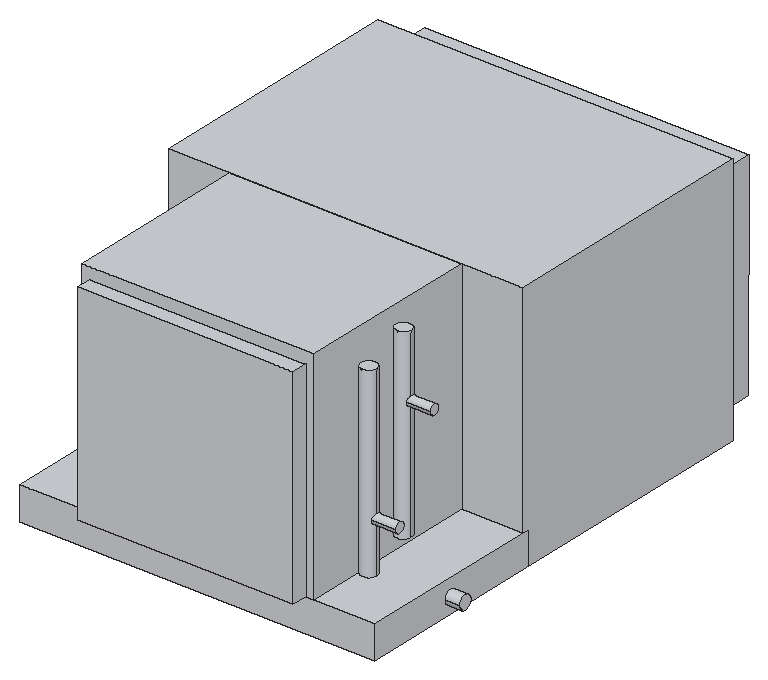
Revit family "3f57894233e447ee8ff6240fbff830ec", category Mechanical Equipment, Revit 2021
Family settings
  Round Connector Dimension = Use Diameter
  Part Type = Normal
  OmniClass Number = 23.75.70.17.27
  OmniClass Title = Fan Coil Units
  Seek Item ID = Fan Coil Unit with Plenum - Horizontal Ducted - CHW - Rear Return-0000-USA-ENU
  Work Plane-Based = No
  Always vertical = Yes
  Cut with Voids When Loaded = No
  Shared = No
  Room Calculation Point = No
Parameters (values of type "600 CFM")
  Water Pressure Drop [instance] = 1.40 psi
  Voltage = 120 V
  Unit Length = 1' - 11"
  Total Cooling Capacity = 19700 Btu/h
  Supply Air Width = 14"
  Sensible Cooling Capacity = 14400 Btu/h
  Return Air Width = 21"
  Number of Poles = 1
  Nominal Air Flow [instance] = 600 CFM
  Load Classification = Cooling
  External Static Pressure [instance] = 0.30 in-wg
  Drain Flow [instance] = 0 GPM
  Default Elevation = 0' - 0"
  Coil Length = 1' - 3"
  Chilled Water Flow [instance] = 4 GPM
  CFU Material = none
  Apparent Load = 265 VA
Types (9): name | Water Pressure Drop | Unit Length | Total Cooling Capacity | Supply Air Width | Sensible Cooling Capacity | Return Air Width | Nominal Air Flow | Coil Length | Chilled Water Flow | Apparent Load
  (no name) | 1.40 psi | 1' - 11" | 19700 Btu/h | 14" | 14400 Btu/h | 21" | 600 CFM | 1' - 3" | 4 GPM | 265 VA
  600 CFM | 1.40 psi | 1' - 11" | 19700 Btu/h | 14" | 14400 Btu/h | 21" | 600 CFM | 1' - 3" | 4 GPM | 265 VA
  800 CFM | 3.10 psi | 2' - 4" | 29400 Btu/h | 19" | 20600 Btu/h | 26" | 800 CFM | 1' - 8" | 6 GPM | 310 VA
  1000 CFM | 6.50 psi | 2' - 8" | 38500 Btu/h | 23" | 26400 Btu/h | 30" | 1000 CFM | 2' - 0" | 8 GPM | 440 VA
  1200 CFM | 13.00 psi | 3' - 1" | 47600 Btu/h | 28" | 32300 Btu/h | 35" | 1200 CFM | 2' - 5" | 10 GPM | 550 VA
  1400 CFM | 21.00 psi | 3' - 6" | 52800 Btu/h | 33" | 36500 Btu/h | 40" | 1400 CFM | 2' - 10" | 11 GPM | 690 VA
  1600 CFM | 25.00 psi | 3' - 11" | 64700 Btu/h | 38" | 43600 Btu/h | 45" | 1600 CFM | 3' - 3" | 15 GPM | 900 VA
  1800 CFM | 25.00 psi | 4' - 4" | 75700 Btu/h | 43" | 50400 Btu/h | 50" | 1800 CFM | 3' - 8" | 19 GPM | 1015 VA
  2000 CFM | 25.00 psi | 4' - 8" | 82400 Btu/h | 47" | 55200 Btu/h | 54" | 2000 CFM | 4' - 0" | 19 GPM | 1020 VA
Reference planes (in)
  plane 1 "Center (Front/Back)": y = 0
  plane 2: z = 0
  plane 3 "Center (Left/Right)": x = 0
  plane 4: x = 23
  plane 5: x = 4.5
  plane 6: y = 29
  plane 7: y = -1
  plane 8: x = 18.5
  plane 9: x = 11.5
  plane 10: x = 4
  plane 11: x = 19
  plane 12: z = 16.375
  plane 13: z = 11.5625
  plane 14: z = 15.625
  plane 15: z = 2.125
  plane 16: y = 12.5
  plane 17: y = 12
  plane 18: x = 1
  plane 19: x = 22
  plane 20: y = 6.0625
  plane 21: y = 3.25
  plane 22: z = 5.9375
  plane 23: x = 20
  plane 24: z = 3.625
  plane 25: z = 14.625
  plane 26: z = 2.625
  plane 27: z = 1.0625
  plane 28: x = 24
  plane 29: y = 31.5
  plane 30: z = 8.1875
  plane 31: z = 15.1875
  plane 32: z = 1.1875
Forms (in)
  Extrusion 1, solid, material <- "CFU Material"
    sketch origin (0, 0, 0) x (1, 0, 0) y (0, 1, 0)
      loop
        line (0, 12.5) -> (0, 0) -> (23, 0) -> (23, 12.5) -> (0, 12.5)
    from 0 to 2.125
  Extrusion 2, solid, material <- "CFU Material"
    sketch origin (0, 0, 0) x (0, 1, 0) y (0, 0, 1)
      loop
        line (-1, 15.625) -> (-1, 2.125) -> (0, 2.125) -> (0, 15.625) -> (-1, 15.625)
    from 4.5 to 18.5
  Extrusion 3, solid, material <- "CFU Material"
    sketch origin (0, 0, 0) x (0, 1, 0) y (0, 0, 1)
      loop
        line (0, 16.375) -> (0, 2.125) -> (12, 2.125) -> (12, 16.375) -> (0, 16.375)
    from 4 to 19
  Extrusion 4, solid, material <- "CFU Material"
    sketch origin (0, 0, 0) x (0, 1, 0) y (0, 0, 1)
      loop
        line (12, 16.375) -> (12, 2.125) -> (12.5, 2.125) -> (12.5, 0) -> (29, 0) -> (29, 16.375) -> (12, 16.375)
    from 0 to 23
  Extrusion 5, solid, material <- "CFU Material"
    sketch origin (0, 0, 0) x (1, 0, 0) y (0, 1, 0)
      loop
        circle (20, 6.0625) r 0.5
    from 3.625 to 15.625
  Extrusion 6, solid, material <- "CFU Material"
    sketch origin (0, 0, 0) x (1, 0, 0) y (0, 1, 0)
      loop
        circle (20, 3.25) r 0.5
    from 2.625 to 14.625
  Extrusion 7, solid, material <- "CFU Material"
    sketch origin (0, 0, 0) x (0, 1, 0) y (0, 0, 1)
      loop
        circle (6.0625, 11.5625) r 0.3125
    from 20 to 22
  Extrusion 8, solid, material <- "CFU Material"
    sketch origin (0, 0, 0) x (0, 1, 0) y (0, 0, 1)
      loop
        circle (3.25, 5.9375) r 0.3125
    from 20 to 22
  Extrusion 9, solid, material <- "CFU Material"
    sketch origin (0, 0, 0) x (0, 1, 0) y (0, 0, 1)
      loop
        circle (6.0625, 1.0625) r 0.4375
    from 23 to 24
  Extrusion 10, solid, material <- "CFU Material"
    sketch origin (0, 0, 0) x (0, 1, 0) y (0, 0, 1)
      loop
        line (29, 15.1875) -> (29, 1.1875) -> (31.5, 1.1875) -> (31.5, 15.1875) -> (29, 15.1875)
    from 1 to 22
Cuts and joins
  joined: Extrusion 5, Extrusion 7
  joined: Extrusion 6, Extrusion 8
  joined: Extrusion 1, Extrusion 2
  joined: Extrusion 4, Extrusion 10
Dimensions and locks (in)
  "Unit Length": plane 3 "Center (Left/Right)" to plane 4
  locked: plane 3 "Center (Left/Right)" to plane 5 at 4.5
  locked: plane 6 to plane 1 "Center (Front/Back)" at 29
  locked: plane 7 to plane 1 "Center (Front/Back)" at 1
  "Supply Air Width": plane 5 to plane 8
  equal spacing: plane 5, plane 9, plane 8
  "Coil Length": plane 10 to plane 11
  locked: plane 12 to plane 2 at 16.375
  locked: plane 12 to plane 13 at 4.8125
  locked: plane 12 to plane 14 at 0.75
  locked: plane 14 to plane 15 at 13.5
  locked: plane 16 to plane 6 at 16.5
  locked: plane 17 to plane 16 at 0.5
  locked: plane 3 "Center (Left/Right)" to plane 18 at 1
  "Return Air Width": plane 18 to plane 19
  locked: plane 1 "Center (Front/Back)" to plane 20 at 6.0625
  locked: plane 21 to plane 20 at 2.8125
  locked: plane 12 to plane 22 at 10.4375
  locked: plane 11 to plane 23 at 1
  locked: plane 14 to plane 24 at 12
  locked: plane 14 to plane 25 at 1
  locked: plane 24 to plane 26 at 1
  equal spacing: plane 15, plane 27, plane 2
  locked: plane 4 to plane 28 at 1
  locked: plane 6 to plane 29 at 2.5
  equal spacing: plane 12, plane 30, plane 2
  equal spacing: plane 32, plane 30, plane 31
  locked: plane 32 to plane 31 at 14
  aligned and locked: plane 3 "Center (Left/Right)" to Extrusion 1 sketch curve
  aligned and locked: plane 1 "Center (Front/Back)" to Extrusion 1 sketch curve
  aligned and locked: Extrusion 1 sketch curve to plane 4
  aligned and locked: Extrusion 1 to plane 2
  aligned and locked: plane 7 to Extrusion 2 sketch curve
  aligned and locked: Extrusion 2 sketch curve to plane 14
  aligned and locked: plane 15 to Extrusion 2 sketch curve
  aligned and locked: plane 1 "Center (Front/Back)" to Extrusion 2 sketch curve
  aligned and locked: plane 15 to Extrusion 1
  aligned and locked: Extrusion 1 to plane 16
  aligned and locked: Extrusion 3 sketch curve to plane 12
  aligned and locked: Extrusion 3 sketch curve to plane 1 "Center (Front/Back)"
  aligned and locked: plane 15 to Extrusion 3 sketch curve
  aligned and locked: plane 17 to Extrusion 3 sketch curve
  aligned and locked: plane 8 to Extrusion 2
  aligned and locked: Extrusion 2 to plane 5
  aligned and locked: Extrusion 3 to plane 10
  aligned and locked: Extrusion 3 to plane 11
  aligned and locked: Extrusion 4 sketch curve to plane 12
  aligned and locked: Extrusion 4 sketch curve to plane 17
  aligned and locked: plane 15 to Extrusion 4 sketch curve
  aligned and locked: Extrusion 4 sketch curve to plane 16
  aligned and locked: plane 2 to Extrusion 4 sketch curve
  aligned and locked: plane 6 to Extrusion 4 sketch curve
  aligned and locked: Extrusion 4 to plane 3 "Center (Left/Right)"
  aligned and locked: plane 4 to Extrusion 4
  aligned and locked: plane 20 to Extrusion 5 sketch curve
  aligned and locked: plane 23 to Extrusion 5 sketch curve
  aligned and locked: plane 21 to Extrusion 6 sketch curve
  aligned and locked: plane 23 to Extrusion 6 sketch curve
  aligned and locked: plane 14 to Extrusion 5
  aligned and locked: Extrusion 5 to plane 14
  aligned and locked: Extrusion 5 to plane 24
  aligned and locked: plane 25 to Extrusion 6
  aligned and locked: Extrusion 6 to plane 26
  aligned and locked: plane 13 to Extrusion 7 sketch curve
  aligned and locked: plane 20 to Extrusion 7 sketch curve
  aligned and locked: plane 22 to Extrusion 8 sketch curve
  aligned and locked: plane 21 to Extrusion 8 sketch curve
  aligned and locked: plane 19 to Extrusion 7
  aligned and locked: plane 19 to Extrusion 8
  aligned and locked: plane 23 to Extrusion 7
  aligned and locked: plane 23 to Extrusion 8
  aligned and locked: plane 27 to Extrusion 9 sketch curve
  aligned and locked: plane 20 to Extrusion 9 sketch curve
  aligned and locked: plane 28 to Extrusion 9
  aligned and locked: Extrusion 9 to plane 4
  aligned and locked: plane 31 to Extrusion 10 sketch curve
  aligned and locked: Extrusion 10 sketch curve to plane 6
  aligned and locked: plane 29 to Extrusion 10 sketch curve
  aligned and locked: plane 32 to Extrusion 10 sketch curve
  aligned and locked: plane 19 to Extrusion 10
  aligned and locked: Extrusion 10 to plane 18
Automatic sketch dimensions
  Extrusion 1 sketch curve to plane 1 "Center (Front/Back)" = 1' - 0 1/2"
  radius of Extrusion 5 sketch curve = 0' - 0 1/2"
  radius of Extrusion 6 sketch curve = 0' - 0 1/2"
  radius of Extrusion 7 sketch curve = 0' - 0 5/16"
  radius of Extrusion 8 sketch curve = 0' - 0 5/16"
  radius of Extrusion 9 sketch curve = 0' - 0 7/16"
Connectors (in)
  hvac at (11.5, -1, 8.875), driven by "Nominal Air Flow", driven by "Supply Air Width"
    settings: on cut or joined group of Extrusion 1, Extrusion 2, index 1, duct flow 600 CFM, flow factor 0, pres drop 0.00 in-wg, loss coef 0, conn angle 0.00°, conn width 14", conn height 13 1/2", conn diameter 24", duct sys type 1, conn prof type 1, flow config 0, flow direction 2, loss method 0, conn ref index 2, conn util no, is conn primary yes, conn desc ""
  hvac at (11.5, 31.5, 8.1875), driven by "Nominal Air Flow", driven by "Return Air Width"
    settings: on cut or joined group of Extrusion 4, Extrusion 10, index 2, duct flow 600 CFM, flow factor 0, pres drop 0.00 in-wg, loss coef 0, conn angle 0.00°, conn width 21", conn height 14", conn diameter 24", duct sys type 2, conn prof type 1, flow config 0, flow direction 1, loss method 0, conn ref index 1, conn util no, is conn primary no, conn desc ""
  piping at (22, 3.25, 5.9375), diameter 0.625, driven by "Chilled Water Flow"
    settings: on cut or joined group of Extrusion 6, Extrusion 8, index 3, connector inside diameter 5/8", connector length 0' - 0", flow factor 0, pipe flow 4 GPM, pressure drop 0.00 psi, fitting loss kfactor 0, connector angle 0.00°, fixture units 0, engagement length 0' - 0", angle of deflection 0.00°, flow configuration 1, flow direction 1, fitting loss method 4, system type 7, joint type 0, gender type 0, connector reference index 4, connector utility 0, adjustable connector no, is connector primary yes, connector description "Chilled Water, In"
  piping at (22, 6.0625, 11.5625), diameter 0.625, driven by "Chilled Water Flow", driven by "Water Pressure Drop"
    settings: on cut or joined group of Extrusion 5, Extrusion 7, index 4, connector inside diameter 5/8", connector length 0' - 0", flow factor 0, pipe flow 4 GPM, pressure drop 1.40 psi, fitting loss kfactor 0, connector angle 0.00°, fixture units 0, engagement length 0' - 0", angle of deflection 0.00°, flow configuration 1, flow direction 2, fitting loss method 4, system type 8, joint type 0, gender type 0, connector reference index 3, connector utility 0, adjustable connector no, is connector primary no, connector description "Chilled Water, Out"
  piping at (24, 6.0625, 1.0625), diameter 0.875, driven by "Drain Flow"
    settings: on Extrusion 9, index 5, connector inside diameter 7/8", connector length 0' - 0", flow factor 0, pipe flow 0 GPM, pressure drop 0.00 psi, fitting loss kfactor 0, connector angle 0.00°, fixture units 0, engagement length 0' - 0", angle of deflection 0.00°, flow configuration 1, flow direction 2, fitting loss method 0, system type 16, joint type 0, gender type 0, connector reference index -1, connector utility 0, adjustable connector yes, is connector primary no, connector description "Drain, Out"
  electrical at (0, 17.83333, 6.16667), driven by "Apparent Load", driven by "Voltage", driven by "Number of Poles", driven by "Load Classification"
    settings: on cut or joined group of Extrusion 4, Extrusion 10, index 6, voltage 120 V, apparent load 265 VA, apparent load phase1 0 VA, apparent load phase2 0 VA, apparent load phase3 0 VA, power factor 0.8, load classification "Cooling", number of poles 1, system type 30, power factor state 1, is connector primary yes, connector utility no, sub classification motor no, connector description ""
